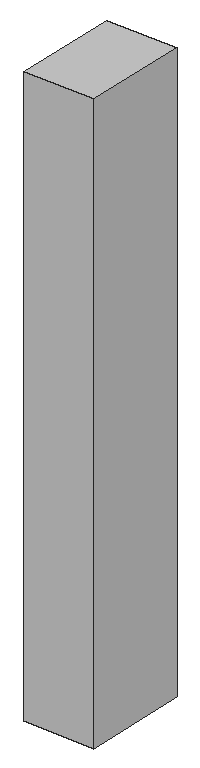
Revit family "콘크리트-직사각형-기둥", category 구조 기둥, Revit 2026
Family settings
  숨겨진 뷰로 표시 = 다른 부재에 가려진 모서리
  단면 모양 = 정의되지 않음
  모델 동작 재료 = 콘크리트
  항상 형상으로 내보내기 = 아니오
  평면의 보 전환 = 경계 상자에서
  로드될 때 보이드를 사용하여 절단 = 아니오
  기호 표현 = 패밀리에서
  공유 = 아니오
  평면도에서 미리 절단된 패밀리 표시 = 예
Parameters (values of type "300 x 450")
  Structural Material [instance] = 콘크리트 - 현장타설 콘크리트
  b = 300 mm
  h = 450 mm
Types (4, lengths in mm): name | b | h
  (no name) | 300 | 450
  300 x 450 | 300 | 450
  450 x 600 | 450 | 600
  600 x 750 | 600 | 750
Reference planes
  plane 1 "중심(앞/뒤)": y = 0
  plane 2: z = 0
  plane 3 "중심(왼쪽/오른쪽)": x = 0
  plane 4: x = -150
  plane 5: x = 150
  plane 6: y = 225
  plane 7: y = -225
Forms (mm)
  Extrusion 1, solid, material "콘크리트 - 현장타설 콘크리트" <- "Structural Material"
    sketch origin (0, 0, 0) x (1, 0, 0) y (0, 1, 0)
      loop
        line (-150, 225) -> (-150, -225) -> (150, -225) -> (150, 225) -> (-150, 225)
    from 0 to 2500
Dimensions and locks
  equal spacing: plane 4, plane 3 "중심(왼쪽/오른쪽)", plane 5
  equal spacing: plane 7, plane 1 "중심(앞/뒤)", plane 6
  "h": plane 7 to plane 6
  "b": plane 4 to plane 5
  aligned and locked: plane 6 to Extrusion 1 sketch curve
  aligned and locked: Extrusion 1 sketch curve to plane 7
  aligned and locked: Extrusion 1 sketch curve to plane 4
  aligned and locked: plane 5 to Extrusion 1 sketch curve
  aligned and locked: level to Extrusion 1
  aligned and locked: level to plane 2
  aligned and locked: Extrusion 1 to plane 2
